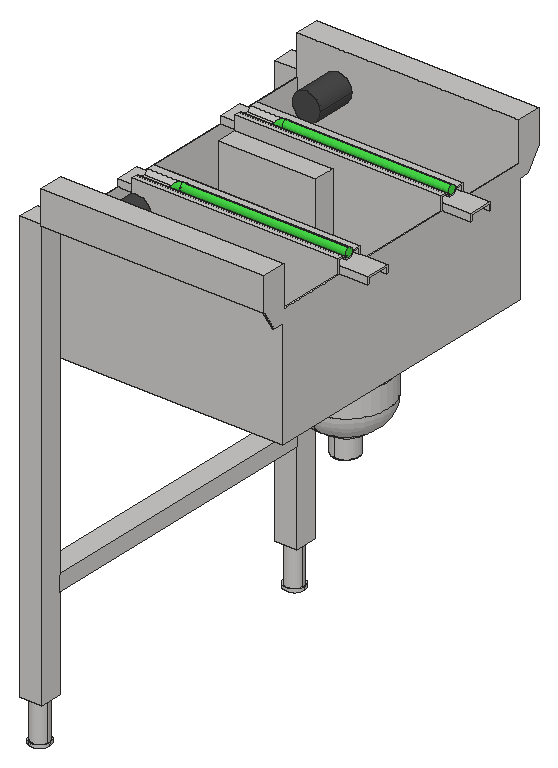
Revit family "QF_ELECTROLUXPROFESSIONAL_863166_HSBCCRU4", category Specialty Equipment, Revit 2018
Family settings
  Round Connector Dimension = Use Diameter
  Part Type = Normal
  Work Plane-Based = No
  Always vertical = Yes
  Cut with Voids When Loaded = No
  Shared = No
  Room Calculation Point = No
Parameters (values of type "QF_ELECTROLUX_863166_HSBCCRU4")
  Weight = 18.00 kg
  Watts = 0 W
  Volts = 0 V
  URL Manufacturer = "http://professional.electrolux.com"
  URL = "http://professional.electrolux.com"
  Steam Supply Size = 0 mm
  Steam Supply Minimum Pressure = 0.0 Pa
  Steam Supply Maximum Pressure = 0.0 Pa
  Steam Pounds per Hour = 0
  Refrigeration Suction Line Size = 0 mm
  Refrigeration Liquid Line Size = 0 mm
  Refrigerant Compressor Remote = yes
  Manufacturer = "Electrolux"
  Phase = 0
  Model = "HSBCCRU4"
  Length Actual = 400 mm  # constant formula
  Item Number = "863166"
  Hot Water Size = 0 mm
  Height Actual = 910 mm  # constant formula
  HP = "0 HP"
  Gas Size = 0 mm
  Gas KW = 0
  Gas Input Pressure = 0 W
  Description = "RETURN UNIT OF CORD CONVEYOR FOR BASKETS"
  Depth Actual = 620 mm  # constant formula
  Cycle = 0 Hz
  Condensate Return Size = 0 mm
  Compressed Air Volume = 0.0 L/s
  Compressed Air Size = 0 mm
  Compressed Air Pressure = 0.0 Pa
  Cold Water Size = 0 mm
  Accessory = yes
Types (2, lengths in mm): name | URL | Manufacturer | Model | Description
  (no name) | 0 | 0 | 0 | 0
  QF_ELECTROLUX_863166_HSBCCRU4 | "http://professional.electrolux.com" | "Electrolux" | "HSBCCRU4" | "RETURN UNIT OF CORD CONVEYOR FOR BASKETS"
Values of the unnamed type that differ from the named types
  URL Manufacturer = ""
  Item Number = ""
  HP = ""
Reference planes
  plane 1 "Centro (Fronte/Retro)": y = 74.737
  plane 2: z = 0
  plane 3 "LEFT": x = -1038.761
  plane 4 "BACK": y = 384.737
  plane 5 "FRONT": y = -235.263
  plane 6: z = 910
  plane 7 "RIGHT": x = -638.761
  plane 8: y = 212.543
  plane 9 "1": y = 168.487
Forms (mm)
  Extrusion 1, solid, material "QF_Finishes_Stainless Steel"
    sketch origin (0, 74.737, -30) x (1, 0, 0) y (0, 0, 1)
      loop
        line (-1079.929, 300) -> (-1079.929, 270) -> (-1039.929, 270) -> (-1039.929, 300) -> (-1079.929, 300)
    from -266.504 to 266.46
  Extrusion 2, solid, material "QF_Finishes_Stainless Steel"
    sketch origin (11.239, 0, 0) x (0, 1, 0) y (0, 0, 1)
      loop
        line (-235.263, 910) -> (-235.263, 850.033) -> (-190.242, 850.033) -> (-190.242, 910) -> (-235.263, 910)
      loop
        line (384.737, 910) -> (339.716, 910) -> (339.716, 850.033) -> (384.737, 850.033) -> (384.737, 910)
    from -1048.8 to -651.2
  Extrusion 3, solid, material "QF_Finishes_Stainless Steel"
    sketch origin (11.239, 0, 0) x (0, 1, 0) y (0, 0, 1)
      loop
        line (-191.727, 850.033) -> (-191.727, 618.033) -> (341.245, 618.033) -> (341.245, 850.033) -> (339.716, 850.033) -> (339.716, 621.033) -> (-190.242, 621.033) -> (-190.242, 850.033) -> (-191.727, 850.033)
    from -1048.8 to -651.2
  Extrusion 4, solid, material "QF_Finishes_Stainless Steel"
    sketch origin (661.239, 723.253, 4000) x (0, 1, 0) y (0, 0, 1)
      loop
        line (-958.516, -3090) -> (-958.516, -3149.967) -> (-934.752, -3185.632) -> (-914.981, -3185.632) -> (-914.981, -3381.967) -> (-382.009, -3381.967) -> (-382.009, -3185.632) -> (-362.281, -3185.632) -> (-338.516, -3149.967) -> (-338.516, -3090) -> (-383.538, -3090) -> (-383.538, -3161.926) -> (-913.495, -3161.926) -> (-913.495, -3090) -> (-958.516, -3090)
    from -1300 to -1301.2
  Revolve 5, solid, material "QF_Finishes_Stainless Steel"
    sketch origin (-738.761, 0, 0) x (0, 1, 0) y (0, 0, 1)
      loop
        line (74.737, 618.033) -> (-1.756, 618.033) -> (-1.756, 601.823) -> (0.354, 601.823)
        arc (0.354, 601.823) -> (3.64, 597.973) -> (0.351, 594.125) r 3.897
        line (0.351, 594.125) -> (-1.756, 594.125) -> (-1.756, 551.31)
        arc (-1.756, 551.31) -> (8.91, 520.632) -> (36.296, 503.17) r 49.497
        line (36.296, 503.17) -> (36.296, 500.684) -> (37.487, 497.398) -> (51.25, 491.407) -> (51.25, 455.535) -> (52.727, 454.059) -> (74.737, 454.059) -> (74.737, 618.033)
      axis (74.737, 454.059) -> (74.737, 618.033)
    angle from 0 to 360
  Extrusion 6, solid, material "QF_Finishes_Stainless Steel"
    sketch origin (-537.561, 723.253, 4000) x (0, 1, 0) y (0, 0, 1)
      loop
        line (-958.516, -3090) -> (-958.516, -3149.967) -> (-914.981, -3149.967) -> (-914.981, -3381.967) -> (-382.009, -3381.967) -> (-382.009, -3149.967) -> (-338.516, -3149.967) -> (-338.516, -3090) -> (-383.538, -3090) -> (-383.538, -3161.926) -> (-913.495, -3161.926) -> (-913.495, -3090) -> (-958.516, -3090)
    from -500 to -501.2
  Extrusion 7, solid, material "QF_Finishes_Black"
    sketch origin (0, 74.737, 0) x (1, 0, 0) y (0, 0, -1)
      loop
        circle (-961.28, -850.115) r 25
    from 190.58 to 260.534
  Extrusion 8, solid, material "QF_Finishes_Black"
    sketch origin (0, 74.737, 0) x (1, 0, 0) y (0, 0, 1)
      loop
        circle (-961.28, 850.115) r 25
    from 190.58 to 260.534
  Extrusion 9, solid, material "QF_Finishes_Stainless Steel"
    sketch origin (-638.761, 723.253, 4000) x (0, 1, 0) y (0, 0, 1)
      loop
        line (-554.766, -3161.926) -> (-552.766, -3161.926) -> (-552.766, -3151.426) -> (-512.711, -3151.426) -> (-512.711, -3161.926) -> (-510.711, -3161.926) -> (-510.711, -3149.426) -> (-554.766, -3149.426) -> (-554.766, -3161.926)
    from 50.41 to -400
  Extrusion 10, solid, material "QF_Finishes_Stainless Steel"
    sketch origin (-638.761, -573.779, 4000) x (0, -1, 0) y (0, 0, -1)
      loop
        line (-554.766, 3161.926) -> (-554.766, 3149.426) -> (-510.711, 3149.426) -> (-510.711, 3161.926) -> (-512.711, 3161.926) -> (-512.711, 3151.426) -> (-552.766, 3151.426) -> (-552.766, 3161.926) -> (-554.766, 3161.926)
    from 50.41 to -400
  Extrusion 11, solid, material "QF_Finishes_Stainless Steel"
    sketch origin (-638.761, 723.253, 4000) x (0, 1, 0) y (0, 0, 1)
      loop
        line (-554.766, -3378.967) -> (-554.766, -3139.426) -> (-544.766, -3139.426) -> (-537.695, -3146.497) -> (-527.782, -3146.497) -> (-520.711, -3139.426) -> (-510.711, -3139.426) -> (-510.711, -3378.967) -> (-508.711, -3378.967) -> (-508.711, -3137.426) -> (-521.539, -3137.426) -> (-528.61, -3144.497) -> (-536.867, -3144.497) -> (-543.938, -3137.426) -> (-556.766, -3137.426) -> (-556.766, -3378.967) -> (-554.766, -3378.967)
    from -1.2 to -372.107
  Extrusion 12, solid, material "QF_Finishes_Stainless Steel"
    sketch origin (-638.761, -573.779, 4000) x (0, -1, 0) y (0, 0, -1)
      loop
        line (-554.766, 3378.967) -> (-556.766, 3378.967) -> (-556.766, 3137.426) -> (-543.938, 3137.426) -> (-536.867, 3144.497) -> (-528.61, 3144.497) -> (-521.539, 3137.426) -> (-508.711, 3137.426) -> (-508.711, 3378.967) -> (-510.711, 3378.967) -> (-510.711, 3139.426) -> (-520.711, 3139.426) -> (-527.782, 3146.497) -> (-537.695, 3146.497) -> (-544.766, 3139.426) -> (-554.766, 3139.426) -> (-554.766, 3378.967)
    from -1.2 to -372.107
  Extrusion 13, solid, material "QF_Finishes_Stainless Steel"
    sketch origin (0, 0, 0) x (1, 0, 0) y (0, 1, 0)
      loop
        line (-1010.868, 166.487) -> (-1010.868, 129.863) -> (-835.868, 129.863) -> (-835.868, 166.487) -> (-1010.868, 166.487)
    from 621.033 to 838.074
  Extrusion 14, solid, material "QF_Finishes_Stainless Steel"
    sketch origin (0, 149.474, 0) x (1, 0, 0) y (0, 1, 0)
      loop
        line (-1010.868, -166.487) -> (-835.868, -166.487) -> (-835.868, -129.863) -> (-1010.868, -129.863) -> (-1010.868, -166.487)
    from 621.033 to 838.074
  Sweep 15, solid, material "QF_Finishes_Green"
    path origin (0, 168.487, 0) x (1, 0, 0) y (0, 0, 1)
      loop
        line (-639.961, 858.082) -> (-938.416, 858.082)
        arc (-938.416, 858.082) -> (-946.579, 854.701) -> (-949.961, 846.537) r 11.545
        line (-949.961, 846.537) -> (-949.961, 838.074)
    profile origin (-789.188, 168.487, 858.082) x (0, 0, -1) y (0, -1, 0)
      loop
        circle (-5, -21.875) r 7
  Sweep 16, solid, material "QF_Finishes_Green"
    path origin (0, -19.013, 0) x (1, 0, 0) y (0, 0, -1)
      loop
        line (-639.961, -858.082) -> (-938.416, -858.082)
        arc (-938.416, -858.082) -> (-946.579, -854.701) -> (-949.961, -846.537) r 11.545
        line (-949.961, -846.537) -> (-949.961, -838.074)
    profile origin (-789.188, -19.013, 858.082) x (0, 0, 1) y (0, 1, 0)
      loop
        circle (5, -21.875) r 7
Cuts and joins
  joined: Extrusion 2, Extrusion 3, Extrusion 4, Revolve 5, Extrusion 6
Lines and regions (mm)
  Split face 1
    outline origin (-639.961, 339.716, 621.033) x (-1, 0, 0) y (0, -1, 0)
      loop
        circle (98.8, 264.979) r 76.494
  Split face 2
    outline origin (-639.961, 339.716, 621.033) x (-1, 0, 0) y (0, -1, 0)
      loop
        circle (98.8, 264.979) r 56.494
  Split face 3
    outline origin (-639.961, 339.716, 621.033) x (-1, 0, 0) y (0, -1, 0)
      loop
        circle (98.8, 264.979) r 36.494
  Split face 4
    outline origin (-639.961, 339.716, 621.033) x (-1, 0, 0) y (0, -1, 0)
      loop
        circle (98.8, 264.979) r 16.494
  symbolic lines
    curve 1: line (-638.761, 384.737, 0) -> (-1038.761, 384.737, 0)
    curve 2: line (-1038.761, 384.737, 0) -> (-1038.761, -235.263, 0)
    curve 3: line (-1038.761, 339.716, 0) -> (-638.761, 339.716, 0)
    curve 4: line (-1038.761, -235.263, 0) -> (-638.761, -235.263, 0)
    curve 5: line (-638.761, -235.263, 0) -> (-638.761, -63.069, 0)
    curve 6: line (-638.761, -190.242, 0) -> (-1038.761, -190.242, 0)
    curve 7: line (-936.28, 335.271, 0) -> (-986.28, 335.271, 0)
    curve 8: line (-986.28, 335.271, 0) -> (-986.28, 265.317, 0)
    curve 9: line (-986.28, 265.317, 0) -> (-936.28, 265.317, 0)
    curve 10: line (-936.28, 265.317, 0) -> (-936.28, 335.271, 0)
    curve 11: line (-936.28, -185.797, 0) -> (-986.28, -185.797, 0)
    curve 12: line (-986.28, -185.797, 0) -> (-986.28, -115.842, 0)
    curve 13: line (-986.28, -115.842, 0) -> (-936.28, -115.842, 0)
    curve 14: line (-936.28, -115.842, 0) -> (-936.28, -185.797, 0)
    curve 15: line (-638.761, 74.737, 0) -> (-668.761, 74.737, 0)
    curve 16: line (-1038.761, 74.737, 0) -> (-1008.761, 74.737, 0)
    curve 17: arc (-738.761, 151.231, 0) -> (-662.267, 74.737, 0) -> (-738.761, -1.756, 0) r 76.494
    curve 18: arc (-738.761, -1.756, 0) -> (-815.254, 74.737, 0) -> (-738.761, 151.231, 0) r 76.494
    curve 19: arc (-738.761, 96.747, 0) -> (-760.771, 74.737, 0) -> (-738.761, 52.727, 0) r 22.01
    curve 20: arc (-738.761, 52.727, 0) -> (-716.751, 74.737, 0) -> (-738.761, 96.747, 0) r 22.01
    curve 21: line (-639.961, 212.543, 0) -> (-638.761, 212.543, 0)
    curve 22: line (-588.351, 212.543, 0) -> (-588.351, 168.487, 0)
    curve 23: line (-588.351, 168.487, 0) -> (-638.761, 168.487, 0)
    curve 24: line (-638.761, -19.013, 0) -> (-588.351, -19.013, 0)
    curve 25: line (-588.351, -19.013, 0) -> (-588.351, -63.069, 0)
    curve 26: line (-588.351, -63.069, 0) -> (-638.761, -63.069, 0)
    curve 27: line (-639.961, 214.543, 0) -> (-1010.868, 214.543, 0)
    curve 28: line (-1010.868, 214.543, 0) -> (-1010.868, 166.487, 0)
    curve 29: line (-1010.868, 212.543, 0) -> (-1038.761, 212.543, 0)
    curve 30: line (-1038.761, 168.487, 0) -> (-1010.868, 168.487, 0)
    curve 31: line (-1010.868, 166.487, 0) -> (-639.961, 166.487, 0)
    curve 32: line (-639.961, 166.487, 0) -> (-639.961, 214.543, 0)
    curve 33: line (-954.961, 197.362, 0) -> (-639.961, 197.362, 0)
    curve 34: line (-954.961, 183.362, 0) -> (-639.961, 183.362, 0)
    curve 35: arc (-954.961, 197.362, 0) -> (-959.911, 195.312, 0) -> (-961.961, 190.362, 0) r 7
    curve 36: arc (-961.961, 190.362, 0) -> (-959.911, 185.412, 0) -> (-954.961, 183.362, 0) r 7
    curve 37: line (-638.761, 212.543, 0) -> (-588.351, 212.543, 0)
    curve 38: line (-638.761, 168.487, 0) -> (-639.961, 168.487, 0)
    curve 39: line (-638.761, -19.013, 0) -> (-638.761, 168.487, 0)
    curve 40: line (-639.961, -63.069, 0) -> (-638.761, -63.069, 0)
    curve 41: line (-639.961, -65.069, 0) -> (-1010.868, -65.069, 0)
    curve 42: line (-1010.868, -65.069, 0) -> (-1010.868, -17.013, 0)
    curve 43: line (-1010.868, -63.069, 0) -> (-1038.761, -63.069, 0)
    curve 44: line (-1038.761, -19.013, 0) -> (-1010.868, -19.013, 0)
    curve 45: line (-1010.868, -17.013, 0) -> (-639.961, -17.013, 0)
    curve 46: line (-639.961, -17.013, 0) -> (-639.961, -65.069, 0)
    curve 47: line (-954.961, -47.888, 0) -> (-639.961, -47.888, 0)
    curve 48: line (-954.961, -33.888, 0) -> (-639.961, -33.888, 0)
    curve 49: arc (-954.961, -47.888, 0) -> (-959.911, -45.838, 0) -> (-961.961, -40.888, 0) r 7
    curve 50: arc (-961.961, -40.888, 0) -> (-959.911, -35.938, 0) -> (-954.961, -33.888, 0) r 7
    curve 51: line (-638.761, -19.013, 0) -> (-639.961, -19.013, 0)
    curve 52: line (-638.761, 212.543, 0) -> (-638.761, 384.737, 0)
Dimensions and locks
  plane 3 "LEFT" to plane 7 "RIGHT" = 400 mm
  equal spacing: plane 4 "BACK", plane 1 "Centro (Fronte/Retro)", plane 5 "FRONT"
  plane 4 "BACK" to plane 5 "FRONT" = 620 mm
  cut or joined group of Extrusion 2, Extrusion 3, Extrusion 4, Revolve 5, Extrusion 6 to cut or joined group of Extrusion 2, Extrusion 3, Extrusion 4, Revolve 5, Extrusion 6 = 529.957 mm
  plane 6 to level = 910 mm
  plane 6 to Extrusion 1 = 640 mm
  Extrusion 8 to level = 875.115 mm
  cut or joined group of Extrusion 2, Extrusion 3, Extrusion 4, Revolve 5, Extrusion 6 to plane 3 "LEFT" = 300 mm
  aligned and locked: level to plane 2
Automatic sketch dimensions
  Extrusion 1 sketch curve to plane 3 "LEFT" = 41.168 mm
  Extrusion 1 sketch curve to plane 3 "LEFT" = 1.168 mm
  level to Extrusion 1 sketch curve = 240 mm
  Extrusion 1 sketch curve to Extrusion 1 sketch curve = 30 mm
  Extrusion 2 sketch curve to plane 5 "FRONT" = 0 mm
  Extrusion 2 sketch curve to plane 6 = 0 mm  (x2)
  Extrusion 2 sketch curve to plane 4 "BACK" = 0 mm
  plane 5 "FRONT" to Extrusion 2 sketch curve = 45.021 mm
  Extrusion 2 sketch curve to plane 4 "BACK" = 45.021 mm
  Extrusion 2 sketch curve to Extrusion 2 sketch curve = 59.967 mm  (x2)
  plane 5 "FRONT" to Extrusion 3 sketch curve = 43.536 mm
  Extrusion 3 sketch curve to Extrusion 3 sketch curve = 1.486 mm
  Extrusion 3 sketch curve to plane 4 "BACK" = 45.021 mm
  Extrusion 3 sketch curve to Extrusion 3 sketch curve = 1.529 mm
  Extrusion 3 sketch curve to plane 6 = 291.967 mm
  Extrusion 3 sketch curve to Extrusion 3 sketch curve = 3 mm
  Extrusion 3 sketch curve to plane 6 = 59.967 mm  (x2)
  Extrusion 4 sketch curve to plane 5 "FRONT" = 0 mm
  Extrusion 4 sketch curve to plane 6 = 0 mm  (x2)
  Extrusion 4 sketch curve to plane 4 "BACK" = 0 mm
  plane 5 "FRONT" to Extrusion 4 sketch curve = 23.764 mm
  plane 5 "FRONT" to Extrusion 4 sketch curve = 43.536 mm
  plane 5 "FRONT" to Extrusion 4 sketch curve = 45.021 mm
  Extrusion 4 sketch curve to plane 4 "BACK" = 45.021 mm
  Extrusion 4 sketch curve to plane 4 "BACK" = 43.492 mm
  Extrusion 4 sketch curve to Extrusion 4 sketch curve = 19.728 mm
  Extrusion 4 sketch curve to Extrusion 4 sketch curve = 59.967 mm  (x2)
  Extrusion 4 sketch curve to Extrusion 4 sketch curve = 11.959 mm
  Extrusion 4 sketch curve to Extrusion 4 sketch curve = 23.706 mm  (x2)
  Extrusion 4 sketch curve to Extrusion 4 sketch curve = 196.335 mm
  Revolve 5 sketch curve to plane 1 "Centro (Fronte/Retro)" = 0 mm  (x2)
  plane 1 "Centro (Fronte/Retro)" to Revolve 5 sketch curve = 22.01 mm
  plane 1 "Centro (Fronte/Retro)" to Revolve 5 sketch curve = 23.487 mm
  plane 1 "Centro (Fronte/Retro)" to Revolve 5 sketch curve = 26.996 mm
  Revolve 5 sketch curve to Revolve 5 sketch curve = 13.764 mm
  Revolve 5 sketch curve to Revolve 5 sketch curve = 1.191 mm
  Revolve 5 sketch curve to Revolve 5 sketch curve = 47.387 mm
  Revolve 5 sketch curve to Revolve 5 sketch curve = 0.003 mm
  Revolve 5 sketch curve to Revolve 5 sketch curve = 0.61 mm
  Revolve 5 sketch curve to Revolve 5 sketch curve = 2.107 mm
  Revolve 5 sketch curve to Revolve 5 sketch curve = 2.11 mm
  level to Revolve 5 sketch curve = 454.059 mm
  Revolve 5 sketch curve to Revolve 5 sketch curve = 1.476 mm
  Revolve 5 sketch curve to Revolve 5 sketch curve = 35.872 mm
  Revolve 5 sketch curve to Revolve 5 sketch curve = 5.991 mm
  Revolve 5 sketch curve to Revolve 5 sketch curve = 3.286 mm
  Revolve 5 sketch curve to Revolve 5 sketch curve = 2.486 mm
  Revolve 5 sketch curve to Revolve 5 sketch curve = 48.139 mm
  Revolve 5 sketch curve to Revolve 5 sketch curve = 42.815 mm
  Revolve 5 sketch curve to Revolve 5 sketch curve = 3.849 mm
  Revolve 5 sketch curve to Revolve 5 sketch curve = 66.706 mm
  Revolve 5 sketch curve to Revolve 5 sketch curve = 3 mm
  Revolve 5 sketch curve to Revolve 5 sketch curve = 14.991 mm
  Extrusion 6 sketch curve to plane 5 "FRONT" = 0 mm
  Extrusion 6 sketch curve to plane 6 = 0 mm  (x2)
  Extrusion 6 sketch curve to plane 4 "BACK" = 0 mm
  plane 5 "FRONT" to Extrusion 6 sketch curve = 43.536 mm
  plane 5 "FRONT" to Extrusion 6 sketch curve = 45.021 mm
  Extrusion 6 sketch curve to plane 4 "BACK" = 45.021 mm
  Extrusion 6 sketch curve to plane 4 "BACK" = 43.492 mm
  Extrusion 6 sketch curve to Extrusion 6 sketch curve = 59.967 mm  (x2)
  Extrusion 6 sketch curve to Extrusion 6 sketch curve = 11.959 mm
  Extrusion 6 sketch curve to Extrusion 6 sketch curve = 220.041 mm
  plane 3 "LEFT" to Extrusion 7 sketch curve = 77.481 mm
  Extrusion 7 sketch curve to plane 6 = 59.885 mm
  plane 3 "LEFT" to Extrusion 8 sketch curve = 77.481 mm
  Extrusion 8 sketch curve to plane 6 = 59.885 mm
  Extrusion 9 sketch curve to Extrusion 4 = 0 mm  (x2)
  Extrusion 4 to Extrusion 9 sketch curve = 12.5 mm
  Extrusion 4 to Extrusion 9 sketch curve = 171.229 mm
  Extrusion 9 sketch curve to Extrusion 9 sketch curve = 2 mm  (x2)
  Extrusion 4 to Extrusion 9 sketch curve = 10.5 mm
  Extrusion 9 sketch curve to Extrusion 9 sketch curve = 40.056 mm
  Extrusion 10 sketch curve to Extrusion 4 = 0 mm  (x2)
  Extrusion 4 to Extrusion 10 sketch curve = 12.5 mm
  Extrusion 4 to Extrusion 10 sketch curve = 171.229 mm
  Extrusion 10 sketch curve to Extrusion 10 sketch curve = 2 mm  (x2)
  Extrusion 4 to Extrusion 10 sketch curve = 10.5 mm
  Extrusion 10 sketch curve to Extrusion 10 sketch curve = 40.056 mm
  Extrusion 11 sketch curve to Extrusion 4 = 3 mm  (x2)
  Extrusion 4 to Extrusion 11 sketch curve = 173.229 mm
  Extrusion 11 sketch curve to Extrusion 11 sketch curve = 2 mm  (x4)
  Extrusion 11 sketch curve to Extrusion 11 sketch curve = 10 mm
  Extrusion 4 to Extrusion 11 sketch curve = 24.5 mm
  Extrusion 11 sketch curve to Extrusion 11 sketch curve = 0.828 mm  (x4)
  Extrusion 11 sketch curve to Extrusion 11 sketch curve = 7.071 mm  (x2)
  Extrusion 4 to Extrusion 11 sketch curve = 17.429 mm
  Extrusion 11 sketch curve to Extrusion 11 sketch curve = 8.257 mm
  Extrusion 4 to Extrusion 11 sketch curve = 15.429 mm
  Extrusion 11 sketch curve to Extrusion 11 sketch curve = 44.056 mm
  Extrusion 11 sketch curve to Extrusion 11 sketch curve = 5.071 mm
  Extrusion 12 sketch curve to Extrusion 4 = 3 mm  (x2)
  Extrusion 4 to Extrusion 12 sketch curve = 173.229 mm
  Extrusion 12 sketch curve to Extrusion 12 sketch curve = 2 mm  (x4)
  Extrusion 12 sketch curve to Extrusion 12 sketch curve = 10 mm
  Extrusion 4 to Extrusion 12 sketch curve = 24.5 mm
  Extrusion 12 sketch curve to Extrusion 12 sketch curve = 0.828 mm  (x4)
  Extrusion 12 sketch curve to Extrusion 12 sketch curve = 7.071 mm  (x2)
  Extrusion 4 to Extrusion 12 sketch curve = 17.429 mm
  Extrusion 12 sketch curve to Extrusion 12 sketch curve = 8.257 mm
  Extrusion 4 to Extrusion 12 sketch curve = 15.429 mm
  Extrusion 12 sketch curve to Extrusion 12 sketch curve = 44.056 mm
  Extrusion 12 sketch curve to Extrusion 12 sketch curve = 9.071 mm
  plane 3 "LEFT" to Extrusion 13 sketch curve = 27.893 mm
  plane 9 "1" to Extrusion 13 sketch curve = 38.624 mm
  Extrusion 13 sketch curve to Extrusion 13 sketch curve = 175 mm
  plane 9 "1" to Extrusion 13 sketch curve = 2 mm
  Extrusion 14 sketch curve to plane 3 "LEFT" = 27.893 mm
  Extrusion 14 sketch curve to plane 1 "Centro (Fronte/Retro)" = 55.126 mm
  Extrusion 14 sketch curve to Extrusion 14 sketch curve = 175 mm
  Extrusion 14 sketch curve to Extrusion 14 sketch curve = 36.624 mm
  plane 3 "LEFT" to Sweep 15 sketch curve = 88.8 mm
  Sweep 15 sketch curve to Sweep 15 sketch curve = 11.545 mm
  Sweep 15 sketch curve to plane 6 = 63.463 mm
  Sweep 15 sketch curve to plane 7 "RIGHT" = 1.2 mm
  Sweep 15 sketch curve to Sweep 15 sketch curve = 8.463 mm
  profile plane to Sweep 15 sketch curve = 5 mm
  Sweep 15 sketch curve to plane 9 "1" = 21.875 mm
  plane 3 "LEFT" to Sweep 16 sketch curve = 88.8 mm
  Sweep 16 sketch curve to Sweep 16 sketch curve = 11.545 mm
  Sweep 16 sketch curve to plane 6 = 51.918 mm
  Sweep 16 sketch curve to plane 7 "RIGHT" = 1.2 mm
  Sweep 16 sketch curve to Sweep 16 sketch curve = 8.463 mm
  Sweep 16 sketch curve to profile plane = 5 mm
  Sweep 16 sketch curve to profile plane = 21.875 mm
  cut or joined group of Extrusion 2, Extrusion 3, Extrusion 4, Revolve 5, Extrusion 6 to Split face 1 sketch curve = 98.8 mm
  cut or joined group of Extrusion 2, Extrusion 3, Extrusion 4, Revolve 5, Extrusion 6 to Split face 1 sketch curve = 264.979 mm
  Split face 1 sketch curve to Split face 1 sketch curve = 76.494 mm
  cut or joined group of Extrusion 2, Extrusion 3, Extrusion 4, Revolve 5, Extrusion 6 to Split face 2 sketch curve = 98.8 mm
  cut or joined group of Extrusion 2, Extrusion 3, Extrusion 4, Revolve 5, Extrusion 6 to Split face 2 sketch curve = 264.979 mm
  Split face 2 sketch curve to Split face 2 sketch curve = 56.494 mm
  cut or joined group of Extrusion 2, Extrusion 3, Extrusion 4, Revolve 5, Extrusion 6 to Split face 3 sketch curve = 98.8 mm
  cut or joined group of Extrusion 2, Extrusion 3, Extrusion 4, Revolve 5, Extrusion 6 to Split face 3 sketch curve = 264.979 mm
  Split face 3 sketch curve to Split face 3 sketch curve = 36.494 mm
  cut or joined group of Extrusion 2, Extrusion 3, Extrusion 4, Revolve 5, Extrusion 6 to Split face 4 sketch curve = 98.8 mm
  cut or joined group of Extrusion 2, Extrusion 3, Extrusion 4, Revolve 5, Extrusion 6 to Split face 4 sketch curve = 264.979 mm
  Split face 4 sketch curve to Split face 4 sketch curve = 16.494 mm
  curve 17 to curve 19 = 0 mm  (x3)
  curve 35 to curve 36 = 0 mm
  curve 49 to curve 50 = 0 mm
  curve 44 to plane 3 "LEFT" = 0 mm
  curve 29 to plane 8 = 0 mm
  curve 30 to plane 9 "1" = 0 mm
  plane 1 "Centro (Fronte/Retro)" to curve 16 = 0 mm
  plane 1 "Centro (Fronte/Retro)" to curve 19 = 0 mm
  plane 1 "Centro (Fronte/Retro)" to curve 15 = 0 mm
  curve 40 to plane 7 "RIGHT" = 0 mm
  curve 52 to plane 4 "BACK" = 0 mm
  curve 52 to plane 7 "RIGHT" = 0 mm
  plane 9 "1" to curve 23 = 0 mm
  plane 8 to curve 22 = 0 mm
  curve 4 to plane 5 "FRONT" = 0 mm
  plane 3 "LEFT" to curve 42 = 27.893 mm
  curve 27 to plane 8 = 2 mm
  plane 3 "LEFT" to curve 27 = 27.893 mm
  plane 3 "LEFT" to curve 7 = 52.481 mm
  plane 3 "LEFT" to curve 11 = 52.481 mm
  curve 36 to plane 9 "1" = 21.875 mm
  curve 30 to curve 36 = 55.907 mm
  curve 44 to curve 49 = 55.907 mm
  curve 7 to curve 7 = 50 mm
  curve 11 to curve 11 = 50 mm
  curve 19 to curve 15 = 100 mm
  curve 32 to plane 7 "RIGHT" = 1.2 mm
  curve 45 to plane 7 "RIGHT" = 1.2 mm
  plane 7 "RIGHT" to curve 26 = 50.41 mm
  plane 7 "RIGHT" to curve 23 = 50.41 mm
  plane 5 "FRONT" to curve 11 = 49.466 mm
  curve 11 to curve 12 = 69.954 mm
  plane 1 "Centro (Fronte/Retro)" to curve 46 = 139.806 mm
  curve 41 to curve 26 = 2 mm
  curve 41 to curve 47 = 17.181 mm
  curve 47 to curve 49 = 7 mm
  curve 48 to curve 39 = 14.875 mm
  curve 51 to curve 45 = 2 mm
  curve 31 to curve 30 = 2 mm
  curve 34 to curve 35 = 7 mm
  curve 8 to plane 8 = 52.774 mm
  curve 7 to plane 4 "BACK" = 49.466 mm
  plane 3 "LEFT" to curve 16 = 30 mm
  curve 15 to curve 15 = 30 mm
  plane 5 "FRONT" to curve 6 = 45.021 mm
  curve 41 to curve 43 = 2 mm
  curve 44 to curve 42 = 2 mm
  plane 1 "Centro (Fronte/Retro)" to curve 18 = 76.494 mm
  plane 1 "Centro (Fronte/Retro)" to curve 19 = 22.01 mm
  curve 3 to curve 1 = 45.021 mm
  curve 17 to curve 18 = 0 mm
  curve 17 to curve 20 = 0 mm
  curve 18 to curve 19 = 0 mm
  curve 18 to curve 20 = 0 mm
  curve 19 to curve 20 = 0 mm
  curve 39 to plane 7 "RIGHT" = 0 mm
  radius of Extrusion 7 sketch curve = 25 mm
  radius of Extrusion 8 sketch curve = 25 mm
  radius of Sweep 15 sketch curve = 7 mm
  radius of Sweep 16 sketch curve = 7 mm
Nested families
  nested 1: "Foot_40x40" at (-1059.929, 361.245, 0), type "Foot_40x40"
    with A 850.033 mm
  nested 2: "Foot_40x40" at (-1059.929, -211.771, 0), type "Foot_40x40"
    with A 850.033 mm
Connectors
  piping at (-738.761, 74.737, 454.059), diameter 30
    settings: on cut or joined group of Extrusion 2, Extrusion 3, Extrusion 4, Revolve 5, Extrusion 6, index 1, connector inside diameter 609.6 mm, connector length 0 mm, flow factor 0, pipe flow 0.0 L/s, pressure drop 0.0 Pa, fitting loss kfactor 0, connector angle 0.00°, fixture units 0, engagement length 0 mm, angle of deflection 0.00°, flow configuration 1, flow direction 2, fitting loss method 0, system type 16, joint type 0, gender type 0, connector reference index -1, connector utility 0, adjustable connector no, is connector primary yes, connector description "Drain"
Definition of nested family "Foot_40x40"
  Parameters
    A [instance] = 850 mm
  Reference planes
    plane 1 "Centro (Fronte/Retro)": y = 0
    plane 2: z = 0
    plane 3 "Centro (Sinistra/Destra)": x = 0
    plane 4: z = 850
  Forms (mm)
    Extrusion 1, solid
      sketch origin (0, 0, 0) x (1, 0, 0) y (0, 1, 0)
        loop
          circle (0, 0) r 18
      from 0 to 5
    Extrusion 2, solid
      sketch origin (0, 0, 5) x (1, 0, 0) y (0, 1, 0)
        loop
          circle (0, 0) r 15
      from 0 to 70
    Extrusion 3, solid
      sketch origin (0, 0, 75) x (1, 0, 0) y (0, 1, 0)
        loop
          line (-20, 20) -> (-20, -20) -> (20, -20) -> (20, 20) -> (-20, 20)
      from 0 to 775
  Dimensions and locks
    "A": plane 4 to plane 2
    aligned and locked: level to plane 2
    aligned and locked: plane 4 to Extrusion 3
    aligned and locked: Extrusion 1 to level
  Automatic sketch dimensions
    plane 1 "Centro (Fronte/Retro)" to Extrusion 1 sketch curve = 0 mm
    Extrusion 1 sketch curve to plane 3 "Centro (Sinistra/Destra)" = 0 mm
    Extrusion 3 sketch curve to Extrusion 3 sketch curve = 40 mm  (x2)
    radius of Extrusion 1 sketch curve = 18 mm
    radius of Extrusion 2 sketch curve to Extrusion 1 = 3 mm
